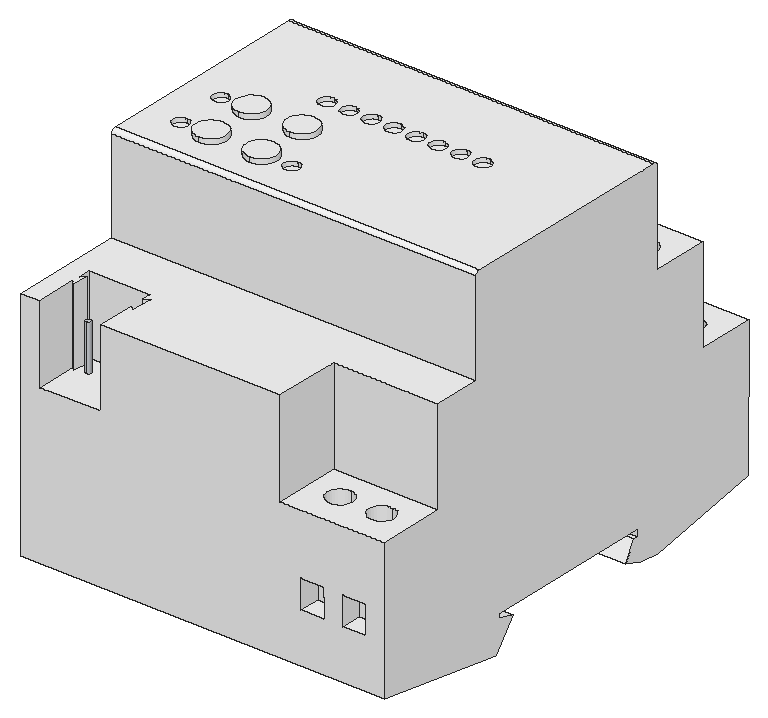
Revit family "Gira_543500", category Electrical Fixtures, host Face, Revit 2017
Family settings
  Host = Face
  Maintain Annotation Orientation = No
  Round Connector Dimension = Use Diameter
  Part Type = Normal
  Cut with Voids When Loaded = No
  Shared = No
  Room Calculation Point = No
Parameters (values of type "WL swit./m-c act.8-g/blind act.4-g DRA Gira eNet")
  With switch function = yes
  Ventilschutzfunktion = no
  URL = "https://www.gira.de/"
  Type of voltage (input voltage) = ""
  Type Comments = ""
  Switching current (resistive) [Ampere] = 16
  Suitable for C-load = no
  Rated current [Ampere] = 0
  Output voltage [Volt] = ""
  Output current [Ampere] = ""
  Number of outputs = 0
  Number of inputs = 3
  Number of binary inputs = 0
  Modulare Erweiterungsmöglichkeit = no
  Model = ""
  Max. switching power [Voltampere] = 2300
  Max. switching current [Ampere] = 0
  Max. number of venetian-blind outputs = 4
  Max. number of switching contacts = 0
  Manufacturer = "Gira"
  Handschaltung = no
  Local operation/hand operation = no
  LED controlling = no
  Keynote = ""
  Input voltage [Volt] = ""
  HeinzeBIM = "https://www.heinze.de/bim/wl-swit-m-c-act-8-g-blind-act-4-g-dra-gira-enet/5c32498b0bdf5b55e7922cb201f5f3a17eece12c"
  HAN = "543500"
  GTIN = "4010337774280"
  Verschiedene Phasen anschließbar = no
  Description = "WL sw. m-c 8g blind act.4g eNet eNet wireless switching or momentary-contact actuator, 8-gang   blind actuator, 4-gang,DRA Features: Can be set with eNet server:: - Fully encrypted wireless transmission (AES CCM) from eNet Server software version 2.0. - Operation locks. - Device software update. - The eNet wireless switching, wireless momentary-contact, or blind actuator receives telegrams for switching lighting or controlling electrically-operated hangings from the eNet wireless reception module or eNet server via a data cable. - Two outputs are each operated in the same mode (switching, dimming, blind or shutter). - Switching of lighting or single-phase fan motors. - Control of electrically operated hangings, such as blinds, shutters, or awnings - Operating modes: switching actuator, momentary-contact actuator can be set for a single output; a blind actuator, shutter actuator can be set for a pair of outputs. - Status feedback to eNet wireless transmitter. - Scene operation. - Operating mode buttons: Relay contact stays closed as long as telegrams are being received (max. 60 seconds). - Positioning of blind and slat using scene call-up. - Positions for sun protection and twilight can be saved. - Threshold value scenes for sun protection, twilight and wind alarms. - Hanging period can be saved. - Slat adjustment time can be saved. Can be set with eNet server:: - Flashing function. - Delay time. - Switch-on off delay. - Switch-off pre-warning. - Minimum switching repeat time. - Permanent-on, permanent-off. - Adjustment time when changing directions. - Motion direction can be inverted (e.g. for roof windows). - Position for sun protection, twilight, lock-out protection, and wind alarms.,Notes : - An eNet wireless reception module or an eNet server is required to operate this DIN-rail mounting device."
  Default Elevation = 1219.2 mm
  Cost = 0
  Stellgröße schaltend = no
  Stellgröße stetig = no
  Bus connection included = no
  BIMSITE_PRODUCT_ID = "5c32498b0bdf5b55e7922cb201f5f3a17eece12c"
  BIM = "https://media.live.bim.site/t/eyJhbGciOiJIUzI1NiIsInR5cCI6IkpXVCJ9.eyJjdCI6MSwidGYiOiJwdWJsaWMvZ2lyYS8wOWY1ZGI1L1JFRyA4Zi5yZmEiLCJjaWQiOiJmZWQ5OGU5YS0xYmQ4LTRjNjgtYTczYi03NGE5NGUzMTU4MjMiLCJyaWQiOiJkMWFjZjk4ZmVkMWNmNzMzOGY4YTkwMzJhNGRjZmZkYyIsInBpZCI6IjVjMzI0OThiMGJkZjViNTVlNzkyMmNiMjAxZjVmM2ExN2VlY2UxMmMiLCJzaWQiOiI2MzQ3MCIsInV0Ijo1LCJsYyI6ImVuIiwiaWF0IjoxNjA3NDQyMTQ3LCJpc3MiOiJodHRwczovL2FwaS5saXZlLmJpbS5zaXRlIiwic3ViIjoiOGQzYWE1Y2ItZTA2Ni00NTk4LWJlMTYtNmUxNmVlNzQ5NTZhIn0.-ya8Ee4Twopslqt5tTEj_OL1F6FF1MJdb9m4Dreq4O0/REG 8f.rfa"
  Assembly Code = ""
Reference planes
  plane 1 "Center (Front/Back)": y = 0
  plane 2: z = 0
  plane 3 "Center (Left/Right)": x = 0
Forms (mm)
  Extrusion 1, solid, material "White", detail levels fine
    sketch origin (0, 0, 0) x (0, 1, 0) y (0, 0, 1)
      loop
        line (45.125, -2.619) -> (45.125, 24.95) -> (33.875, 24.95) -> (33.875, 43.8) -> (22.575, 43.8) -> (22.575, 62.05)
        arc (22.575, 62.05) -> (22.311, 62.686) -> (21.675, 62.95) r 0.9
        line (21.675, 62.95) -> (-21.175, 62.95)
        arc (-21.175, 62.95) -> (-21.785, 62.758) -> (-22.175, 62.25) r 1.064
        line (-22.175, 62.25) -> (-22.175, 43.8) -> (-44.725, 43.8) -> (-44.725, -2.619)
        arc (-44.725, -2.619) -> (-31.081, -5.433) -> (-17.243, -7.049) r 160
        line (-17.243, -7.049) -> (-13.165, -1.734) -> (-16.399, -0.807) -> (-16.399, 0) -> (17.8, 0) -> (17.8, -1.4) -> (16.8, -1.4) -> (14.749, -4.952)
        arc (14.749, -4.952) -> (18.64, -6.184) -> (22.7, -6.6) r 20
        arc (22.7, -6.6) -> (33.983, -5.009) -> (45.125, -2.619) r 160
    from -36 to 36
  Extrusion 2, void, detail levels fine
    sketch origin (0, 0, 0) x (1, 0, 0) y (0, 1, 0)
      loop
        circle (30, 26.925) r 2.55
      loop
        circle (21.75, 26.925) r 2.55
      loop
        circle (12.75, 26.925) r 2.55
      loop
        circle (4.5, 26.925) r 2.55
      loop
        circle (-4.5, 26.925) r 2.55
      loop
        circle (-12.75, 26.925) r 2.55
      loop
        circle (-21.75, 26.925) r 2.55
      loop
        circle (-30, 26.925) r 2.55
    from 37.936 to 43.8
  Extrusion 3, void, detail levels fine
    sketch origin (0, 11.25, -18.85) x (1, 0, 0) y (0, 1, 0)
      loop
        circle (30, 26.925) r 2.55
      loop
        circle (21.75, 26.925) r 2.55
      loop
        circle (12.75, 26.925) r 2.55
      loop
        circle (4.5, 26.925) r 2.55
      loop
        circle (-4.5, 26.925) r 2.55
      loop
        circle (-12.75, 26.925) r 2.55
      loop
        circle (-21.75, 26.925) r 2.55
      loop
        circle (-30, 26.925) r 2.55
    from 37.936 to 43.8
  Extrusion 4, void, detail levels fine
    sketch origin (0, 0, 0) x (1, 0, 0) y (0, 1, 0)
      loop
        circle (-13, -3.875) r 3
      loop
        circle (-23, -3.875) r 3
      loop
        circle (-23, -13.875) r 3
      loop
        circle (-13, -13.875) r 3
      loop
        circle (-29, -3.875) r 1.575
      loop
        circle (-29, -13.875) r 1.575
      loop
        circle (-7, -13.875) r 1.575
      loop
        circle (-15.4, 5.325) r 1.625
      loop
        circle (-11, 5.325) r 1.575
      loop
        circle (-6.6, 5.325) r 1.625
      loop
        circle (-2.2, 5.325) r 1.625
      loop
        circle (2.2, 5.325) r 1.625
      loop
        circle (6.6, 5.325) r 1.625
      loop
        circle (11, 5.325) r 1.575
      loop
        circle (15.4, 5.325) r 1.625
    from 58.253 to 62.95
  Extrusion 5, void, detail levels fine
    sketch origin (0, 0, 0) x (1, 0, 0) y (0, 1, 0)
      loop
        line (-32.175, -32.6) -> (-32.175, -34.9) -> (-31.24, -34.36) -> (-31.401, -37.165) -> (-32.175, -36.7) -> (-32.175, -44.875) -> (-20.175, -44.875) -> (-20.175, -37.33) -> (-19.075, -37.965) -> (-19.075, -33.635) -> (-20.175, -34.27) -> (-20.175, -32.6) -> (-32.175, -32.6)
    from 28.5 to 43.8
  Extrusion 6, solid, detail levels fine
    sketch origin (0, 0, 0) x (1, 0, 0) y (0, 1, 0)
      loop
        circle (-29.375, -36.2) r 0.5
      loop
        circle (-23.575, -36.2) r 0.5
    from 28.5 to 37.5
  Extrusion 7, void, detail levels fine
    sketch origin (0, 0, 0) x (1, 0, 0) y (0, 1, 0)
      loop
        line (15.289, -31.489) -> (15.289, -44.875) -> (36, -44.875) -> (36, -31.489) -> (15.289, -31.489)
    from 25 to 43.8
  Extrusion 8, void, detail levels fine
    sketch origin (0, 0, 0) x (1, 0, 0) y (0, 1, 0)
      loop
        circle (21.75, -37.925) r 2.55
      loop
        circle (30, -37.925) r 2.55
    from 19.086 to 24.95
  Extrusion 9, void, detail levels fine
    sketch origin (0, 0, 0) x (1, 0, 0) y (0, 0, 1)
      loop
        line (32.368, 26.75) -> (32.35, 28.865) -> (32.319, 32.45) -> (27.731, 32.45) -> (27.682, 26.75) -> (32.368, 26.75)
      loop
        line (24.118, 26.75) -> (24.1, 28.865) -> (24.069, 32.45) -> (19.481, 32.45) -> (19.432, 26.75) -> (24.118, 26.75)
      loop
        line (15.118, 26.75) -> (15.1, 28.865) -> (15.069, 32.45) -> (10.481, 32.45) -> (10.432, 26.75) -> (15.118, 26.75)
      loop
        line (6.868, 26.75) -> (6.85, 28.865) -> (6.819, 32.45) -> (2.231, 32.45) -> (2.182, 26.75) -> (6.868, 26.75)
      loop
        line (-2.182, 26.75) -> (-2.2, 28.865) -> (-2.231, 32.45) -> (-6.819, 32.45) -> (-6.868, 26.75) -> (-2.182, 26.75)
      loop
        line (-10.432, 26.75) -> (-10.45, 28.865) -> (-10.481, 32.45) -> (-15.069, 32.45) -> (-15.118, 26.75) -> (-10.432, 26.75)
      loop
        line (-19.35, 26.75) -> (-19.369, 28.865) -> (-19.4, 32.45) -> (-23.987, 32.45) -> (-24.037, 26.75) -> (-19.35, 26.75)
      loop
        line (-27.682, 26.75) -> (-27.7, 28.865) -> (-27.731, 32.45) -> (-32.319, 32.45) -> (-32.368, 26.75) -> (-27.682, 26.75)
    from -29.206 to -33.875
  Extrusion 10, void, detail levels fine
    sketch origin (0, 11.25, -19.567) x (1, 0, 0) y (0, 0, 1)
      loop
        line (32.368, 26.75) -> (32.35, 28.865) -> (32.319, 32.45) -> (27.731, 32.45) -> (27.682, 26.75) -> (32.368, 26.75)
      loop
        line (24.118, 26.75) -> (24.1, 28.865) -> (24.069, 32.45) -> (19.481, 32.45) -> (19.432, 26.75) -> (24.118, 26.75)
      loop
        line (15.118, 26.75) -> (15.1, 28.865) -> (15.069, 32.45) -> (10.481, 32.45) -> (10.432, 26.75) -> (15.118, 26.75)
      loop
        line (6.868, 26.75) -> (6.85, 28.865) -> (6.819, 32.45) -> (2.231, 32.45) -> (2.182, 26.75) -> (6.868, 26.75)
      loop
        line (-2.182, 26.75) -> (-2.2, 28.865) -> (-2.231, 32.45) -> (-6.819, 32.45) -> (-6.868, 26.75) -> (-2.182, 26.75)
      loop
        line (-10.432, 26.75) -> (-10.45, 28.865) -> (-10.481, 32.45) -> (-15.069, 32.45) -> (-15.118, 26.75) -> (-10.432, 26.75)
      loop
        line (-19.35, 26.75) -> (-19.369, 28.865) -> (-19.4, 32.45) -> (-23.987, 32.45) -> (-24.037, 26.75) -> (-19.35, 26.75)
      loop
        line (-27.682, 26.75) -> (-27.7, 28.865) -> (-27.731, 32.45) -> (-32.319, 32.45) -> (-32.368, 26.75) -> (-27.682, 26.75)
    from -29.206 to -33.875
  Extrusion 11, void, detail levels fine
    sketch origin (0, 0, 0) x (1, 0, 0) y (0, 0, 1)
      loop
        line (32.319, 12.883) -> (27.731, 12.883) -> (27.682, 7.183) -> (32.368, 7.183) -> (32.35, 9.298) -> (32.319, 12.883)
      loop
        line (24.069, 12.883) -> (19.481, 12.883) -> (19.432, 7.183) -> (24.118, 7.183) -> (24.1, 9.298) -> (24.069, 12.883)
    from 40.588 to 44.725
  Extrusion 12, solid, material "White", detail levels fine
    sketch origin (0, 0, 0) x (1, 0, 0) y (0, 1, 0)
      loop
        circle (-15.4, 5.325) r 1.625
      loop
        circle (-11, 5.325) r 1.575
      loop
        circle (-6.6, 5.325) r 1.625
      loop
        circle (-2.2, 5.325) r 1.625
      loop
        circle (2.2, 5.325) r 1.625
      loop
        circle (6.6, 5.325) r 1.625
      loop
        circle (11, 5.325) r 1.575
      loop
        circle (15.4, 5.325) r 1.625
      loop
        circle (-29, -3.875) r 1.575
      loop
        circle (-29, -13.875) r 1.575
      loop
        circle (-7, -13.875) r 1.575
    from 58.253 to 62.25
  Extrusion 13, solid, material "White", detail levels fine
    sketch origin (0, 0, 0) x (1, 0, 0) y (0, 1, 0)
      loop
        circle (-23, -3.875) r 3
      loop
        circle (-13, -3.875) r 3
      loop
        circle (-23, -13.875) r 3
      loop
        circle (-13, -13.875) r 3
    from 58.253 to 63.841
  Extrusion 14, solid, material "White", detail levels medium
    sketch origin (0, 0, 0) x (0, 1, 0) y (0, 0, 1)
      loop
        line (45.125, -7.049) -> (45.125, 24.95) -> (33.875, 24.95) -> (33.875, 43.8) -> (22.575, 43.8) -> (22.575, 63.841) -> (-22.175, 63.841) -> (-22.175, 43.8) -> (-44.725, 43.8) -> (-44.725, -7.049) -> (45.125, -7.049)
    from -36 to 36
  Extrusion 15, solid, material "White", detail levels coarse
    sketch origin (0, 0, 0) x (0, 1, 0) y (0, 0, 1)
      loop
        line (45.125, -7.049) -> (45.125, 63.841) -> (-44.725, 63.841) -> (-44.725, -7.049) -> (45.125, -7.049)
    from -36 to 36
Cuts and joins
  Extrusion 2, Extrusion 3, Extrusion 4, Extrusion 5, Extrusion 7, Extrusion 8, Extrusion 9, Extrusion 10, Extrusion 11 cuts Extrusion 1
Dimensions and locks
  aligned and locked: plane 2 to host face
  aligned and locked: level to host face
